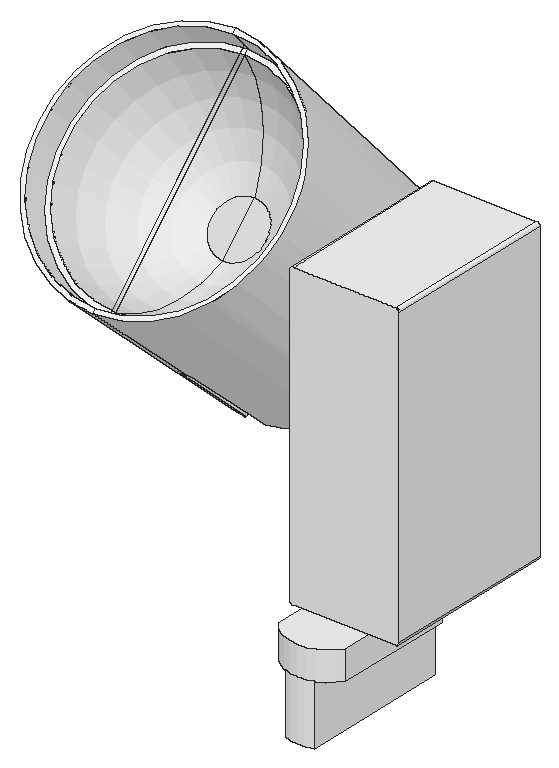
Revit family "0004879 Feilo Sylvania Lighting Fixture START TRACK SPOT L 35W 4K RA90 WB WHITE", category Lighting Fixtures, host Face, Revit 2017 (continued)
Definition of nested family "Start Track Spot Head"
  Types (96, lengths in mm): name | Wattage | built-in parameter 1150134 | Photometric Web File | Model | built-in parameter 1150105 | Lumens | built-in parameter 1150107 | built-in parameter 1150106 | HeadThickness_FEILO | HeadRibOffset_FEILO | HeadRibDepth_FEILO | HeadRibCutWidth_FEILO | HeadRibCutOffset_FEILO | HeadReflectorRadius_FEILO | HeadReflectorOffset_FEILO | HeadLEDRadius_FEILO | HeadHeight_FEILO | HeadDiffusorOffset_FEILO | HeadDiaOut_FEILO | HeadDiaIn_FEILO | HeadAxisFromTop_FEILO | Emit from Circle Diameter | built-in parameter 1150104 | Description | Apparent Load
    0004812 START TRACK SPOT S 14W 3K RA80 MB WHITE | 14 W | (empty or 0) | "0004812.ies" | "START TRACK SPOT S 14W 3K RA80 MB WHITE" | 120.32 (stored number, unit not read) | 1512 lm | 3000 (stored number, unit not read) | 1.2032 (stored number, unit not read) | 1.5 | 4.179 | 55.714 | 7.167 | 50.87 | 50.588 | 55.714 | 9.556 | 117 | 9.435 | 86 | 77.477 | 69.354 | 77.477 | 10.034 (stored number, unit not read) | "Integrated LED spotlight, Textured White - RAL9016, compact and minimalist design, ideal for retail applications, die-cast aluminium body, passive cooling heatsink. Beam angle: 36°, color temperature: 3000K , total system power: 14W, total fixture output: 1508 lm, LOR: 100%, colour rendering: Ra: 80 typical, LED Chromaticity: 3 step MacAdam ellipse, lifetime: >50000 hours at L70B50, energy class: A++, A+, A, IR/UV free light source without heat radiation, operating voltage: 220-240V / 50-60Hz, drive current: 350mA, electronic driver, non-dimmable, power factor: 0.92, electrical protection: Class II, Global Track 3 Phase adapter suitable for Global trac 3-circuit tracks, ingress protection rating: IP20, suitable for internal environment only, horizontal rotation: 355°, vertical tilt: 90°, dimensions: Ø86x140x200, weight: 0.940kg." | 14 VA
    0004811 START TRACK SPOT S 14W 3K RA80 NB WHITE | 14 W | (empty or 0) | "0004811.ies" | "START TRACK SPOT S 14W 3K RA80 NB WHITE" | 123.66 (stored number, unit not read) | 1554 lm | 3000 (stored number, unit not read) | 1.2366 (stored number, unit not read) | 1.5 | 4.179 | 55.714 | 7.167 | 50.87 | 50.588 | 55.714 | 9.556 | 117 | 9.435 | 86 | 77.477 | 69.354 | 77.477 | 10.312 (stored number, unit not read) | "Integrated LED spotlight, Textured White - RAL9016, compact and minimalist design, ideal for retail applications, die-cast aluminium body, passive cooling heatsink. Beam angle: 12°, color temperature: 3000K , total system power: 14W, total fixture output: 1551 lm, LOR: 100%, colour rendering: Ra: 80 typical, LED Chromaticity: 3 step MacAdam ellipse, lifetime: >50000 hours at L70B50, energy class: A++, A+, A, IR/UV free light source without heat radiation, operating voltage: 220-240V / 50-60Hz, drive current: 350mA, electronic driver, non-dimmable, power factor: 0.92, electrical protection: Class II, Global Track 3 Phase adapter suitable for Global trac 3-circuit tracks, ingress protection rating: IP20, suitable for internal environment only, horizontal rotation: 355°, vertical tilt: 90°, dimensions: Ø86x140x200, weight: 0.940kg." | 14 VA
  Reference planes
    plane 1 "Center (Front/Back)": y = 0
    plane 2: z = 0
    plane 3 "Center (Left/Right)": x = 0
    plane 4: x = 43
    plane 5: x = -43
    plane 6: x = -38.739
    plane 7: x = 38.739
    plane 8: z = 69.354
    plane 9: z = -47.646
    plane 10: x = -41.5
    plane 11: x = -37.239
    plane 12: z = -38.211
    plane 13: z = -35.211
    plane 14: z = 8.068
    plane 15: x = -9.556
    plane 16: x = -28.667
    plane 17: x = -19.111
    plane 18: x = -27.167
    plane 19: x = -17.611
    plane 20: x = -8.056
    plane 21: z = 13.64
    plane 22: x = -29.667
    plane 23: x = -26.167
    plane 24: x = -20.111
    plane 25: x = -16.611
    plane 26: x = -10.556
    plane 27: x = -7.056
    plane 28: x = -36.239
    plane 29: x = -40.5
    plane 30: z = 65.175
    plane 31: z = 60.997
    plane 32: z = 56.818
    plane 33: z = 18.484
    plane 34: y = -43
    plane 35: y = 43
    plane 36: y = 3.583
    plane 37: y = -3.583
    plane 38: y = -2.583
    plane 39: y = 2.583
    plane 40: y = 46
    plane 41: z = 13.5
    plane 42: z = -13.5
    plane 43: y = 39
    plane 44: x = 4.708
    plane 45: x = -2.458
    plane 46: x = -1.458
    plane 47: x = 1.458
  Forms (mm)
    Extrusion 1, solid
      sketch origin (4.2, 0, 0) x (1, 0, 0) y (0, 1, 0)
        loop
          line (-1219.2, 1219.2) -> (-1219.2, -1219.2) -> (1219.2, -1219.2) -> (1219.2, 1219.2) -> (-1219.2, 1219.2)
      from 0 to -68.017
    Revolve 2, solid, material <- "Material_1_FEILO", detail levels medium+fine
      sketch origin (0, 0, 0) x (1, 0, 0) y (0, 0, 1)
        loop
          line (-43, -47.646) -> (-41.5, -47.646) -> (-40.5, -35.211) -> (-38.739, -35.211)
          arc (-38.739, -35.211) -> (-30.16, -9.517) -> (-9.556, 8.068) r 50.588
          line (-9.556, 8.068) -> (0, 8.068) -> (0, 13.64) -> (-16.611, 13.64) -> (-17.611, 60.997) -> (-19.111, 60.997) -> (-20.111, 13.64) -> (-36.239, 13.64) -> (-37.239, 69.354) -> (-38.739, 69.354) -> (-43, -47.646)
        axis (0, 69.354) -> (0, -47.646)
      angle from 360 to 0
    Extrusion 3, void
      sketch origin (0, 0, 0) x (0, 1, 0) y (0, 0, 1)
        loop
          line (-3.583, 69.354) -> (-2.583, 18.484) -> (1.932, 18.484) -> (2.932, 69.354) -> (-3.583, 69.354)
      from 43 to -43
    Revolve 4, solid, material <- "Material_2_FEILO", detail levels medium+fine
      sketch origin (0, 0, 0) x (1, 0, 0) y (0, 0, 1)
        loop
          line (-41.5, -38.211) -> (0, -38.211) -> (0, -35.211) -> (-41.5, -35.211) -> (-41.5, -38.211)
        axis (0, -35.211) -> (0, -38.211)
      angle from 360 to 0
    Revolve 5, solid, material <- "Material_1_FEILO"
      sketch origin (0, 0, 0) x (0, 1, 0) y (0, 0, 1)
        loop
          line (46, 0) -> (39, 0) -> (39, -13.5) -> (46, -13.5) -> (46, 0)
        axis (39, 0) -> (46, 0)
      angle from 360 to 0
    Revolve 6, solid, material <- "Material_1_FEILO", detail levels medium+fine
      sketch origin (0, 0, 0) x (1, 0, 0) y (0, 0, 1)
        loop
          line (-29.667, 13.64) -> (-26.167, 13.64) -> (-27.167, 65.175) -> (-28.667, 65.175) -> (-29.667, 13.64)
        loop
          line (-10.556, 13.64) -> (-7.056, 13.64) -> (-7.833, 56.818) -> (-9.778, 56.818) -> (-10.556, 13.64)
        axis (0, 65.175) -> (0, 13.64)
      angle from 360 to 0
    Extrusion 7, void
      sketch origin (0, 0, 0) x (1, 0, 0) y (0, 0, 1)
        loop
          line (4.708, 69.354) -> (-2.458, 69.354) -> (-1.458, 13.64) -> (1.458, 13.64) -> (4.708, 69.354)
      from -43 to 43
    Revolve 8, solid, material <- "Material_1_FEILO", detail levels coarse
      sketch origin (0, 0, 0) x (1, 0, 0) y (0, 0, 1)
        loop
          line (0, 69.354) -> (-38.739, 69.354) -> (-43, -47.646) -> (-41.5, -47.646) -> (-40.731, -38.211) -> (0, -38.211) -> (0, 69.354)
        axis (0, 69.354) -> (0, -47.646)
      angle from 360 to 0
  Cuts and joins
    Extrusion 3 cuts Revolve 2
    Extrusion 7 cuts Revolve 6
  Dimensions and locks
    equal spacing: plane 7, plane 3 "Center (Left/Right)", plane 6
    equal spacing: plane 4, plane 3 "Center (Left/Right)", plane 5
    "HeadDiaOut_FEILO": plane 4 to plane 5
    "HeadDiaIn_FEILO": plane 7 to plane 6
    "HeadHeight_FEILO": plane 8 to plane 9
    "HeadThickness_FEILO": plane 10 to plane 5
    "HeadThickness_FEILO": plane 11 to plane 6
    "HeadDiffusorOffset_FEILO": plane 12 to plane 9
    "HeadDiffusorThickness_FEILO": plane 13 to plane 12
    "HeadReflectorOffset_FEILO": plane 14 to plane 9
    "HeadLEDRadius_FEILO": plane 3 "Center (Left/Right)" to plane 15
    "HeadLEDRadius_FEILO": plane 15 to plane 17
    "HeadLEDRadius_FEILO": plane 17 to plane 16
    "HeadThickness_FEILO": plane 18 to plane 16
    "HeadThickness_FEILO": plane 19 to plane 17
    "HeadThickness_FEILO": plane 20 to plane 15
    "HeadRibDepth_FEILO": plane 8 to plane 21
    "HeadDraft_FEILO": plane 16 to plane 22
    "HeadDraft_FEILO": plane 23 to plane 18
    "HeadDraft_FEILO": plane 17 to plane 24
    "HeadDraft_FEILO": plane 25 to plane 19
    "HeadDraft_FEILO": plane 15 to plane 26
    "HeadDraft_FEILO": plane 27 to plane 20
    "HeadDraft_FEILO": plane 29 to plane 10
    "HeadDraft_FEILO": plane 28 to plane 11
    "HeadRibOffset_FEILO": plane 8 to plane 30
    "HeadRibOffset_FEILO": plane 30 to plane 31
    "HeadRibOffset_FEILO": plane 31 to plane 32
    "HeadAxisFromTop_FEILO": plane 8 to plane 2
    "HeadRibCutOffset_FEILO": plane 8 to plane 33
    equal spacing: plane 34, plane 1 "Center (Front/Back)", plane 35
    "HeadDiaOut_FEILO": plane 34 to plane 35
    equal spacing: plane 38, plane 1 "Center (Front/Back)", plane 39
    equal spacing: plane 37, plane 1 "Center (Front/Back)", plane 36
    "HeadRibCutWidth_FEILO": plane 37 to plane 36
    "HeadDraft_FEILO": plane 37 to plane 38
    locked: plane 35 to plane 40 at 3
    equal spacing: plane 41, plane 2, plane 42
    locked: plane 42 to plane 41 at 27
    locked: plane 43 to plane 35 at 4
    equal spacing: plane 45, imposter light, plane 44
    "HeadDraft_FEILO": plane 46 to plane 45
    "HeadRibCutWidth_FEILO": plane 44 to plane 45
    equal spacing: plane 47, plane 3 "Center (Left/Right)", plane 46
    "HeadReflectorRadius_FEILO": radius of Revolve 2 sketch curve
    aligned and locked: plane 2 to Extrusion 1
    aligned and locked: level to Extrusion 1
    aligned and locked: Revolve 2 sketch curve to plane 3 "Center (Left/Right)"  (x2)
    aligned and locked: plane 9 to Revolve 2 sketch curve  (x2)
    aligned and locked: plane 5 to Revolve 2 sketch curve
    aligned and locked: plane 10 to Revolve 2 sketch curve
    aligned and locked: plane 14 to Revolve 2 sketch curve
    aligned and locked: plane 8 to Revolve 2 sketch curve
    aligned and locked: Revolve 2 sketch curve to plane 13
    aligned and locked: plane 12 to Revolve 4 sketch curve
    aligned and locked: plane 3 "Center (Left/Right)" to Revolve 4 sketch curve
    aligned and locked: Revolve 4 sketch curve to plane 10
    aligned and locked: Revolve 4 sketch curve to plane 3 "Center (Left/Right)"
    aligned and locked: plane 12 to imposter light
    aligned and locked: imposter light to plane 1 "Center (Front/Back)"
    aligned and locked: Revolve 5 sketch curve to plane 2
    aligned and locked: plane 43 to Revolve 5 sketch curve
    aligned and locked: plane 42 to Revolve 5 sketch curve
    aligned and locked: Revolve 6 sketch curve to plane 3 "Center (Left/Right)"
    aligned and locked: plane 22 to Revolve 6 sketch curve
    aligned and locked: plane 30 to Revolve 6 sketch curve
    aligned and locked: plane 23 to Revolve 6 sketch curve
    aligned and locked: Revolve 6 sketch curve to plane 21  (x2)
    aligned and locked: plane 21 to Revolve 6 sketch curve
    aligned and locked: plane 17 to Revolve 2 sketch curve
    aligned and locked: plane 19 to Revolve 2 sketch curve
    aligned and locked: plane 31 to Revolve 2 sketch curve
    aligned and locked: plane 21 to Revolve 2 sketch curve
    aligned and locked: Extrusion 3 to plane 8
    aligned and locked: plane 33 to Extrusion 3
    aligned and locked: plane 8 to Extrusion 3 sketch curve
    aligned and locked: Extrusion 3 sketch curve to plane 33
    aligned and locked: Extrusion 3 to plane 5
    aligned and locked: plane 4 to Extrusion 3
    aligned and locked: plane 32 to Revolve 6 sketch curve
    aligned and locked: plane 44 to Extrusion 7 sketch curve
    aligned and locked: Extrusion 7 sketch curve to plane 8
    aligned and locked: plane 46 to Extrusion 7 sketch curve
    aligned and locked: plane 21 to Extrusion 7 sketch curve
    aligned and locked: plane 34 to Extrusion 7
    aligned and locked: Extrusion 7 to plane 35
    aligned and locked: Revolve 4 sketch curve to plane 13
    aligned and locked: Revolve 5 sketch curve to plane 40
    aligned and locked: Revolve 8 sketch curve to plane 3 "Center (Left/Right)"
    aligned and locked: Revolve 8 sketch curve to cut or joined group of Revolve 2, Extrusion 3  (x3)
    aligned and locked: plane 5 to Revolve 8 sketch curve
    aligned and locked: plane 3 "Center (Left/Right)" to Revolve 8 sketch curve
    aligned and locked: plane 12 to Revolve 8 sketch curve
  Automatic sketch dimensions
    Extrusion 1 sketch curve to Extrusion 1 sketch curve = 2438.4 mm  (x2)
    Extrusion 3 sketch curve to plane 37 = 0 mm
    Extrusion 3 sketch curve to plane 38 = 0 mm
    plane 39 to Extrusion 3 sketch curve = 0.651 mm
    Extrusion 3 sketch curve to plane 39 = 0.349 mm
    Revolve 6 sketch curve to plane 16 = 0 mm
    Revolve 6 sketch curve to plane 18 = 0 mm
    Revolve 6 sketch curve to plane 26 = 0 mm
    Revolve 6 sketch curve to plane 27 = 0 mm
    Revolve 6 sketch curve to plane 15 = 0.222 mm
    plane 9 to Revolve 6 sketch curve = 559.103 mm
    Revolve 6 sketch curve to plane 8 = 2535.555 mm
    plane 20 to Revolve 6 sketch curve = 0.222 mm
    Revolve 2 sketch curve to plane 29 = 0 mm
    Revolve 2 sketch curve to plane 6 = 0 mm  (x2)
    Revolve 2 sketch curve to plane 11 = 0 mm
    Revolve 2 sketch curve to plane 21 = 0 mm
    Revolve 2 sketch curve to plane 28 = 0 mm
    Revolve 2 sketch curve to plane 24 = 0 mm
    Revolve 2 sketch curve to plane 25 = 0 mm
    Revolve 2 sketch curve to plane 15 = 0 mm
    Revolve 2 sketch curve to Revolve 2 sketch curve = 557.155 mm
    Revolve 2 sketch curve to plane 8 = 2535.558 mm
    Extrusion 7 sketch curve to plane 45 = 0 mm
    Extrusion 7 sketch curve to plane 47 = 0 mm
    plane 9 to Revolve 4 sketch curve = 559.103 mm
    Revolve 4 sketch curve to plane 8 = 2535.555 mm
    Revolve 5 sketch curve to level = 0 mm
    plane 34 to Revolve 5 sketch curve = 1968.092 mm
    Revolve 5 sketch curve to plane 40 = 1405.763 mm
    Revolve 8 sketch curve to plane 6 = 0 mm
    Revolve 8 sketch curve to plane 29 = 0.231 mm
    plane 9 to Revolve 8 sketch curve = 559.103 mm
    Revolve 8 sketch curve to Revolve 8 sketch curve = 2535.555 mm
Definition of nested family "Start Track Spot Box"
  Parameters (values of type "Type Large White")
    URL = "http://www.feilosylvania.com"
    Type Image = (empty or 0)
    Type Comments = "n/a"
    Small_FEILO = no
    Material_3_FEILO = none
    Model = ""
    Manufacturer = "Feilo Sylvania"
    Keynote = ""
    Material_2_FEILO = none
    Description = ""
    Default Elevation = 1219.2 mm
    Cost = 0
    Material_1_FEILO = none
    BoxWidth_FEILO = 49 mm
    BoxStartAngle_FEILO [instance] = 0.00°
    BoxRadius_FEILO = 1.5 mm
    BoxHeight_FEILO = if(Small_FEILO, 112 mm, 136 mm)  # 136 mm
    BoxEndAngle_FEILO [instance] = BoxStartAngle_FEILO - 180.00°  # -180.00°
    BoxDepth_FEILO = if(Small_FEILO, 71.5 mm, 79 mm)  # 79 mm
    BoxAxisVerticalOffset_FEILO = 16 mm
    BoxAxisOffset_FEILO = BoxHeight_FEILO / 6.8  # 20 mm
    Assembly Code = ""
    Material_4_FEILO = none
  Types (4, lengths in mm): name | Small_FEILO | BoxHeight_FEILO | BoxDepth_FEILO | BoxAxisOffset_FEILO
    Type Large White | no | 136 | 79 | 20
    Type Small White | yes | 112 | 71.5 | 16.471
    Type Small Black | yes | 112 | 71.5 | 16.471
    Type Large Black | no | 136 | 79 | 20
  Reference planes
    plane 1 "Center (Front/Back)": y = 0
    plane 2: z = 0
    plane 3 "Center (Left/Right)": x = 0
    plane 4: x = 24.5
    plane 5: x = -24.5
    plane 6: y = 68
    plane 7: y = -68
    plane 8: z = 39.5
    plane 9: z = -39.5
    plane 10: y = -48
    plane 11: x = 30.5
    plane 12: x = 8.5
    plane 13: x = 21.5
    plane 14: y = 70
    plane 15: y = 72
    plane 16: x = 19.5
  Forms (mm)
    Extrusion 1, solid
      sketch origin (4.2, 0, 0) x (1, 0, 0) y (0, 1, 0)
        loop
          line (-1219.2, 1219.2) -> (-1219.2, -1219.2) -> (1219.2, -1219.2) -> (1219.2, 1219.2) -> (-1219.2, 1219.2)
      from 0 to -68.017
    Extrusion 2, solid, material <- "Material_1_FEILO"
      sketch origin (0, 0, 0) x (1, 0, 0) y (0, 1, 0)
        loop
          arc (-23, 68) -> (-24.061, 67.561) -> (-24.5, 66.5) r 1.5
          line (-24.5, 66.5) -> (-24.5, -66.5)
          arc (-24.5, -66.5) -> (-24.061, -67.561) -> (-23, -68) r 1.5
          line (-23, -68) -> (23, -68)
          arc (23, -68) -> (24.061, -67.561) -> (24.5, -66.5) r 1.5
          line (24.5, -66.5) -> (24.5, 66.5)
          arc (24.5, 66.5) -> (24.061, 67.561) -> (23, 68) r 1.5
          line (23, 68) -> (-23, 68)
      from -39.5 to 39.5
    Revolve 3, solid, not visible
      sketch origin (0, 0, 0) x (1, 0, 0) y (0, 1, 0)
        loop
          line (30.5, -48) -> (24.5, -48) -> (24.5, -68) -> (30.5, -68) -> (30.5, -48)
        axis (30.5, -48) -> (24.5, -48)
      angle from 0 <- "BoxStartAngle_FEILO" to -180 <- "BoxEndAngle_FEILO"
    Revolve 4, solid, material <- "Material_2_FEILO"
      sketch origin (0, 0, 0) x (1, 0, 0) y (0, 1, 0)
        loop
          line (8.5, 68) -> (19.5, 68) -> (19.5, 70) -> (21.5, 70) -> (21.5, 72) -> (8.5, 72) -> (8.5, 68)
        axis (8.5, 72) -> (8.5, 68)
      angle from 360 to 0
  Dimensions and locks
    equal spacing: plane 5, plane 3 "Center (Left/Right)", plane 4
    "BoxWidth_FEILO": plane 5 to plane 4
    equal spacing: plane 7, plane 1 "Center (Front/Back)", plane 6
    "BoxHeight_FEILO": plane 7 to plane 6
    equal spacing: plane 8, plane 2, plane 9
    "BoxDepth_FEILO": plane 8 to plane 9
    "BoxAxisOffset_FEILO": plane 7 to plane 10
    locked: plane 4 to plane 11 at 6
    "BoxAxisVerticalOffset_FEILO": plane 12 to plane 4
    locked: plane 12 to plane 13 at 13
    plane 6 to plane 14 to plane 15 = 2 mm locked, 2 mm locked
    locked: plane 12 to plane 16 at 11
    "BoxRadius_FEILO": radius of Extrusion 2 sketch curve  (x4)
    aligned and locked: plane 2 to Extrusion 1
    aligned and locked: level to Extrusion 1
    aligned and locked: plane 6 to Extrusion 2 sketch curve
    aligned and locked: plane 5 to Extrusion 2 sketch curve
    aligned and locked: Extrusion 2 sketch curve to plane 7
    aligned and locked: Extrusion 2 sketch curve to plane 4
    aligned and locked: Extrusion 2 to plane 8
    aligned and locked: plane 9 to Extrusion 2
    aligned and locked: Revolve 3 sketch curve to plane 10  (x2)
    aligned and locked: plane 11 to Revolve 3 sketch curve
    aligned and locked: Revolve 3 sketch curve to plane 4
    aligned and locked: plane 7 to Revolve 3 sketch curve
    aligned and locked: Revolve 4 sketch curve to plane 12
    aligned and locked: plane 6 to Revolve 4 sketch curve
    aligned and locked: plane 12 to Revolve 4 sketch curve
    aligned and locked: plane 15 to Revolve 4 sketch curve
    aligned and locked: Revolve 4 sketch curve to plane 13
    aligned and locked: Revolve 4 sketch curve to plane 14
    aligned and locked: Revolve 4 sketch curve to plane 16
    aligned and locked: Revolve 4 sketch curve to plane 6
  Automatic sketch dimensions
    Extrusion 1 sketch curve to Extrusion 1 sketch curve = 2438.4 mm  (x2)
    Revolve 3 sketch curve to plane 5 = 1499.5 mm
    plane 11 to Revolve 3 sketch curve = 1493.5 mm
    plane 15 to Revolve 4 sketch curve = 0 mm
    plane 7 to Revolve 4 sketch curve = 1456 mm
    Revolve 4 sketch curve to plane 15 = 1452 mm
